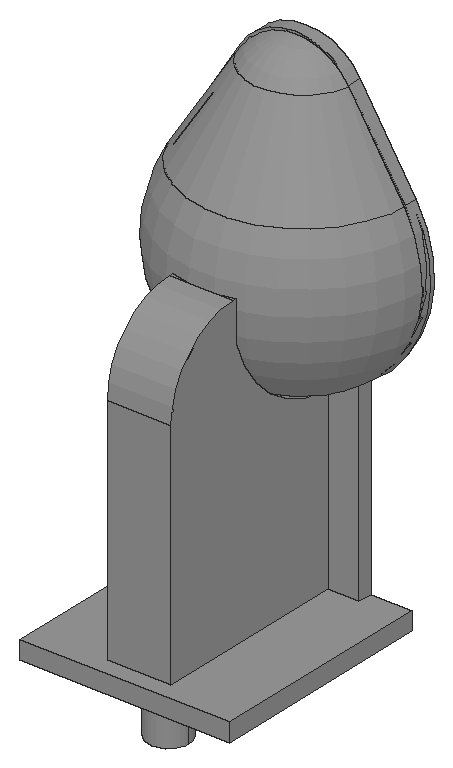
Revit family "Toilet-Willoughby-1490-HET-ETWS-OF-TS", category Plumbing Fixtures, host Face, Revit 2014
Parameters (values of type "Standard")
  Waste DIA = 2 1/4"
  Waste Connection = yes
  W-RAD [instance] = Waste DIA / 2  # 0' - 1 1/8"
  Vent Connection = no
  URL = "www.willoughby-ind.com"
  Type Comments = "Siphon Jet Flush"
  Revision = "A"
  Model = "ETWS-1490-HET-OF-TS"
  Manufacturer = "Willoughby Industries"
  HW Connection = no
  Flush inlet DIA = 1 1/2"
  Flush Inlet Connection = yes
  Fixture Body = Stainless Steel AISI 304-Willoughby
  F-RAD [instance] = Flush inlet DIA / 2  # 0' - 0 3/4"
  Description = "Off Floor Mounted Toilet"
  Default Elevation = 0' - 0"
  Contact Number = "(800) 428-4065"
  CW Connection = no
Reference planes (in)
  plane 1 "Base": y = -16.25
  plane 2: z = 0
  plane 3 "Center": x = 18.31072
  plane 4: y = -1.25
  plane 5: y = -2.125
  plane 6: y = -13.75
  plane 7: x = 16.56072
  plane 8: x = 20.06072
  plane 9: x = 11.56072
  plane 10: x = 25.06072
  plane 11: z = 2.70924
  plane 12: y = -10.75
Forms (in)
  Extrusion 1, solid, material "Stainless Steel AISI 304-Willoughby" <- "Fixture Body"
    sketch origin (16.08109, 7.47968, -5.1422) x (-1, 0, 0) y (0, 0, -1)
      loop
        line (1.29775, -16.80087) -> (1.29775, -5.1422) -> (-5.72963, -5.1422) -> (-5.72963, -16.81676)
        arc (-5.72963, -16.81676) -> (-8.98136, -21.11843) -> (-8.21015, -26.45542) r 7
        line (-8.21015, -26.45542) -> (-5.16818, -31.31054)
        arc (-5.16818, -31.31054) -> (-2.20225, -32.95225) -> (0.76368, -31.31054) r 3.5
        line (0.76368, -31.31054) -> (3.80565, -26.45542)
        arc (3.80565, -26.45542) -> (4.5729, -21.10311) -> (1.29775, -16.80087) r 7
      loop
        arc (2.03989, -24.70557) -> (-2.20225, -18.23804) -> (-6.44438, -24.70557) r 4.625
        line (-6.44438, -24.70557) -> (-4.04125, -30.23842)
        arc (-4.04125, -30.23842) -> (-2.20225, -31.45225) -> (-0.36324, -30.23842) r 2
        line (-0.36324, -30.23842) -> (2.03989, -24.70557)
    from 8.72968 to 9.5
  Revolve 2, solid, material "Stainless Steel AISI 304-Willoughby" <- "Fixture Body"
    sketch origin (19.37246, -1.52032, -1.93826) x (-1, 0, 0) y (0, 0, -1)
      loop
        line (1.06174, -12.59906) -> (1.06174, -12.84906)
        arc (1.06174, -12.84906) -> (6.96784, -16.33096) -> (6.78077, -23.18447) r 6.75
        line (6.78077, -23.18447) -> (3.81535, -27.91457)
        arc (3.81535, -27.91457) -> (2.63527, -29.03194) -> (1.06174, -29.43826) r 3.25
        line (1.06174, -29.43826) -> (1.06174, -29.68826)
        arc (1.06174, -29.68826) -> (2.75672, -29.25045) -> (4.02767, -28.04656) r 3.5
        line (4.02767, -28.04656) -> (7.06964, -23.19143)
        arc (7.06964, -23.19143) -> (7.15052, -16.14555) -> (1.06174, -12.59906) r 7
      axis (1.06174, -12.59906) -> (1.06174, -29.68826)
    angle from 0 to -180
  Extrusion 3, solid, material "Stainless Steel AISI 304-Willoughby" <- "Fixture Body"
    sketch origin (19.53334, -3.02032, -2.9508) x (0, 1, 0) y (0, 0, 1)
      loop
        line (-5.27082, 2.9508) -> (1, 2.9508) -> (1, 13.76086)
        arc (1, 13.76086) -> (-2.93256, 15.26109) -> (-5.27082, 18.76086) r 6.92744
        line (-5.27082, 18.76086) -> (-5.27082, 2.9508)
    from 0.52738 to -2.97262
  Extrusion 4, solid, material "Stainless Steel AISI 304-Willoughby" <- "Fixture Body"
    sketch origin (17.03334, 25.08792, -2.30581) x (0, 1, 0) y (0, 0, 1)
      loop
        line (-33.37906, 2.30581) -> (-33.37906, 20.30581) -> (-33.56217, 20.30581)
        arc (-33.56217, 20.30581) -> (-36.58558, 19.05347) -> (-37.83792, 16.03006) r 4.27575
        line (-37.83792, 16.03006) -> (-37.83792, 2.30581) -> (-33.37906, 2.30581)
    from -0.47262 to 3.02738
  Extrusion 5, solid, material "Stainless Steel AISI 304-Willoughby" <- "Fixture Body"
    sketch origin (0, 14.59309, 0) x (1, 0, 0) y (0, 1, 0)
      loop
        circle (18.31072, -25.34309) r 1.125
    from 1 to -3
  Extrusion 6, solid, material "Stainless Steel AISI 304-Willoughby" <- "Fixture Body"
    sketch origin (0, 1.11185, 0) x (1, 0, 0) y (0, 0, 1)
      loop
        circle (18.31072, 2.70924) r 0.75
    from 2.36185 to 1.42435
  Extrusion 7, solid, material "Stainless Steel AISI 304-Willoughby" <- "Fixture Body"
    sketch origin (0, -16.25, 0) x (1, 0, 0) y (0, 0, 1)
      loop
        line (24.06072, 0) -> (24.06072, 1) -> (12.56072, 1) -> (12.56072, 0) -> (24.06072, 0)
    from -15 to -2.5
Cuts and joins
  joined: Extrusion 1, Extrusion 3, Extrusion 4, Extrusion 7
Lines and regions (in)
  symbolic lines
    curve 1: line (18.31072, -1.25, 1) -> (18.31072, -13.75, 1)
    curve 2: line (18.31072, -13.75, 1) -> (18.31072, -13.75, 0)
    curve 3: line (18.31072, -13.75, 0) -> (18.31072, -1.25, 0)
    curve 4: line (18.31072, -1.25, 0) -> (18.31072, -1.25, 27.81005)
    curve 5: line (18.31072, -1.25, 27.81005) -> (18.31072, -2.02032, 27.81005)
    curve 6: arc (18.31072, -2.02032, 27.81005) -> (18.31072, -3.29584, 27.25657) -> (18.31072, -4.35245, 26.35277) r 4.68005
    curve 7: line (18.31072, -4.35245, 26.35277) -> (18.31072, -7.52822, 21.25317)
    curve 8: arc (18.31072, -7.52822, 21.25317) -> (18.31072, -8.21018, 19.68453) -> (18.31072, -8.50694, 18) r 7.2734
    curve 9: line (18.31072, -8.29114, 18) -> (18.31072, -8.50694, 18)
    curve 10: arc (18.31072, -8.50694, 18) -> (18.31072, -11.50724, 16.75724) -> (18.31072, -12.75, 13.75694) r 4.24306
    curve 11: line (18.31072, -12.75, 1) -> (18.31072, -12.75, 13.75694)
    curve 12: line (18.31072, -1.25, 11.67456) -> (18.31072, -2.02032, 11.67456)
    curve 13: line (18.31072, -2.02032, 11.67456) -> (18.31072, -2.02032, 1)
    curve 14: arc (18.31072, -2.02032, 10.81005) -> (18.31072, -5.98698, 12.32254) -> (18.31072, -8.29114, 15.88806) r 6.82199
    curve 15: arc (18.31072, -8.29114, 15.88806) -> (18.31072, -8.3503, 16.94403) -> (18.31072, -8.29114, 18) r 9.45328
    curve 16: line (14.78334, -16.25, 11.65867) -> (14.78334, -16.25, 1)
    curve 17: line (14.78334, -16.25, 1) -> (12.56072, -16.25, 1)
    curve 18: line (12.56072, -16.25, 1) -> (12.56072, -16.25, 0)
    curve 19: line (12.56072, -16.25, 0) -> (24.06072, -16.25, 0)
    curve 20: line (24.06072, -16.25, 0) -> (24.06072, -16.25, 1)
    curve 21: line (24.06072, -16.25, 1) -> (21.81072, -16.25, 1)
    curve 22: line (21.81072, -16.25, 1) -> (21.81072, -16.25, 11.67456)
    curve 23: arc (21.81072, -16.25, 11.67456) -> (25.06245, -16.25, 15.97624) -> (24.29124, -16.25, 21.31322) r 7
    curve 24: line (24.29124, -16.25, 21.31322) -> (21.24927, -16.25, 26.16835)
    curve 25: arc (21.24927, -16.25, 26.16835) -> (19.97832, -16.25, 27.37224) -> (18.28334, -16.25, 27.81005) r 3.5
    curve 26: arc (18.28334, -16.25, 27.81005) -> (16.58835, -16.25, 27.37224) -> (15.31741, -16.25, 26.16835) r 3.5
    curve 27: line (15.31741, -16.25, 26.16835) -> (12.35249, -16.25, 21.43905)
    curve 28: arc (12.35249, -16.25, 21.43905) -> (11.49002, -16.25, 16.03241) -> (14.78334, -16.25, 11.65867) r 7
    curve 34: line (11.28334, -2.02032, 0) -> (11.28334, -1.25, 0)
    curve 35: line (11.28334, -1.25, 0) -> (25.28334, -1.25, 0)
    curve 36: line (25.28334, -1.25, 0) -> (25.28334, -2.02032, 0)
    curve 37: arc (25.28334, -2.02032, 0) -> (23.0882, -6.65596, 0) -> (18.31072, -8.52239, 0) r 6.94794
    curve 38: arc (18.31072, -8.52239, 0) -> (13.53424, -6.63617, 0) -> (11.28334, -2.02032, 0) r 7.09173
    curve 39: line (12.56072, -5.526, 0) -> (12.56072, -13.75, 0)
    curve 40: line (12.56072, -13.75, 0) -> (24.06072, -13.75, 0)
    curve 41: line (24.06072, -13.75, 0) -> (24.06072, -5.53162, 0)
    curve 42: line (20.06072, -8.30853, 0) -> (20.06072, -12.75, 0)
    curve 43: line (20.06072, -12.75, 0) -> (16.56072, -12.75, 0)
    curve 44: line (16.56072, -12.75, 0) -> (16.56072, -8.29294, 0)
  symbolic lines, detail levels fine
    curve 29: arc (14.0412, -16.25, 19.56337) -> (18.28334, -16.25, 13.09585) -> (22.52547, -16.25, 19.56337) r 4.625
    curve 30: line (22.52547, -16.25, 19.56337) -> (20.12234, -16.25, 25.09622)
    curve 31: arc (20.12234, -16.25, 25.09622) -> (19.38317, -16.25, 25.97635) -> (18.28334, -16.25, 26.31005) r 2.01767
    curve 32: arc (18.28334, -16.25, 26.31005) -> (17.17969, -16.25, 25.98213) -> (16.44433, -16.25, 25.09622) r 1.9827
    curve 33: line (16.44433, -16.25, 25.09622) -> (14.0412, -16.25, 19.56337)
Dimensions and locks (in)
  plane 1 "Base" to plane 4 = 1' - 3"
  plane 1 "Base" to plane 12 = 0' - 5 1/2"
  plane 1 "Base" to plane 6 = 0' - 2 1/2"
  "W-RAD": radius of Extrusion 5 sketch curve
  "F-RAD": radius of Extrusion 6 sketch curve
  aligned and locked: plane 2 to host face
  aligned and locked: level to host face
  aligned and locked: plane 3 "Center" to Extrusion 5 sketch curve
  aligned and locked: plane 3 "Center" to Extrusion 6 sketch curve
  aligned and locked: plane 11 to Extrusion 6 sketch curve
  aligned and locked: plane 12 to Extrusion 5 sketch curve
  aligned and locked: cut or joined group of Extrusion 1, Extrusion 3, Extrusion 4, Extrusion 7 to cut or joined group of Extrusion 1, Extrusion 3, Extrusion 4, Extrusion 7  (x2)
Automatic sketch dimensions
  host sketch curve to host sketch curve = 3' - 2.42356"
  host sketch curve to host sketch curve = 2' - 10.61225"
  Extrusion 1 sketch curve to Extrusion 1 sketch curve = 0' - 0"  (x8)
  level to Extrusion 1 sketch curve = 0' - 0"
  plane 3 "Center" to Extrusion 1 sketch curve = 0' - 5.98052"
  Extrusion 1 sketch curve to Extrusion 1 sketch curve = 0' - 1.76576"  (x2)
  plane 3 "Center" to Extrusion 1 sketch curve = 0' - 3 1/2"
  plane 3 "Center" to Extrusion 1 sketch curve = 0' - 2.93855"
  Extrusion 1 sketch curve to Extrusion 1 sketch curve = 0' - 1.12693"  (x2)
  Extrusion 1 sketch curve to plane 3 "Center" = 0' - 0.02738"  (x2)
  Extrusion 1 sketch curve to plane 3 "Center" = 0' - 1.86639"
  Extrusion 1 sketch curve to plane 3 "Center" = 0' - 3.52738"
  Extrusion 1 sketch curve to plane 3 "Center" = 0' - 4 69/256"
  Extrusion 1 sketch curve to Extrusion 1 sketch curve = 0' - 11.65867"
  Extrusion 1 sketch curve to Extrusion 1 sketch curve = 0' - 0.01589"
  Extrusion 1 sketch curve to Extrusion 1 sketch curve = 0' - 6.06218"
  Extrusion 1 sketch curve to Extrusion 1 sketch curve = 0' - 1.74985"
  Extrusion 1 sketch curve to Extrusion 1 sketch curve = 0' - 4.74668"
  Extrusion 1 sketch curve to Extrusion 1 sketch curve = 0' - 0.78617"
  Extrusion 1 sketch curve to Extrusion 1 sketch curve = 0' - 1.07212"
  Revolve 2 sketch curve to Revolve 2 sketch curve = 0' - 0"  (x2)
  Revolve 2 sketch curve to plane 3 "Center" = 0' - 0"  (x3)
  plane 3 "Center" to Revolve 2 sketch curve = 0' - 0"
  Revolve 2 sketch curve to plane 3 "Center" = 0' - 2.75361"
  Revolve 2 sketch curve to Revolve 2 sketch curve = 0' - 0.21232"
  Revolve 2 sketch curve to Revolve 2 sketch curve = 0' - 2.96542"
  Revolve 2 sketch curve to Revolve 2 sketch curve = 0' - 0.28887"
  level to Revolve 2 sketch curve = 2' - 3 3/4"
  Revolve 2 sketch curve to Revolve 2 sketch curve = 0' - 0 1/4"
  Revolve 2 sketch curve to Revolve 2 sketch curve = 0' - 1.3917"
  Revolve 2 sketch curve to Revolve 2 sketch curve = 0' - 0.13199"
  Revolve 2 sketch curve to Revolve 2 sketch curve = 0' - 4.85513"
  Revolve 2 sketch curve to Revolve 2 sketch curve = 0' - 0.00696"
  Revolve 2 sketch curve to Revolve 2 sketch curve = 0' - 3 1/4"
  Revolve 2 sketch curve to Revolve 2 sketch curve = 0' - 3.3392"
  Revolve 2 sketch curve to Revolve 2 sketch curve = 0' - 2.4108"
  level to Extrusion 3 sketch curve = 0' - 0"
  plane 5 to Extrusion 3 sketch curve = 0' - 0.10468"
  plane 4 to Extrusion 3 sketch curve = 0' - 0.38413"
  Extrusion 3 sketch curve to Extrusion 3 sketch curve = 0' - 10.81005"
  Extrusion 3 sketch curve to Extrusion 3 sketch curve = 0' - 5"
  Extrusion 4 sketch curve to plane 6 = 0' - 1"
  level to Extrusion 4 sketch curve = 0' - 0"
  Extrusion 4 sketch curve to plane 6 = 0' - 5.27575"
  Extrusion 4 sketch curve to Extrusion 4 sketch curve = 0' - 0.18311"
  Extrusion 4 sketch curve to Extrusion 4 sketch curve = 1' - 1.72425"
  plane 9 to Extrusion 7 sketch curve = 0' - 1"
  Extrusion 7 sketch curve to plane 10 = 0' - 1"
  Extrusion 7 sketch curve to level = 0' - 0"
  level to Extrusion 7 sketch curve = 0' - 1"
  Extrusion 3 sketch curve to Extrusion 3 sketch curve = 0' - 6.27082"
  curve 1 to plane 6 = 0' - 0"
  curve 5 to plane 4 = 0' - 0"
  curve 3 to level = 0' - 0"
  curve 11 to plane 6 = 0' - 1"
  curve 10 to plane 12 = 0' - 2.24306"
  curve 7 to plane 12 = 0' - 3.22178"
  curve 7 to plane 5 = 0' - 2.22745"
  plane 5 to curve 5 = 0' - 0.10468"
  plane 5 to curve 13 = 0' - 0.10468"
  plane 5 to curve 14 = 0' - 0.43123"
  curve 8 to plane 4 = 0' - 0.00484"
  curve 6 to plane 4 = 0' - 0.43421"
  curve 15 to plane 4 = 0' - 2.35298"
  level to curve 2 = 0' - 1"
  plane 11 to curve 13 = 0' - 8.96532"
  curve 12 to curve 10 = 0' - 2.08238"
  curve 15 to curve 8 = 0' - 0.64506"
  curve 8 to curve 14 = 0' - 0.03514"
  curve 8 to curve 6 = 0' - 5.69858"
  curve 6 to curve 7 = 0' - 3.06511"
  curve 8 to curve 14 = 0' - 0.21581"
  curve 10 to curve 9 = 0' - 0.21581"
  curve 14 to curve 12 = 0' - 0.86451"
  curve 23 to curve 28 = 0' - 0"
  curve 23 to curve 29 = 0' - 0"  (x2)
  curve 25 to curve 26 = 0' - 0"
  curve 28 to curve 29 = 0' - 0"
  curve 19 to level = 0' - 0"
  plane 9 to curve 27 = 0' - 0.79177"
  plane 9 to curve 19 = 0' - 1"
  curve 16 to plane 7 = 0' - 1.77738"
  curve 27 to plane 7 = 0' - 1.24331"
  curve 31 to plane 3 "Center" = 0' - 0.03902"
  curve 31 to curve 32 = 0' - 0.0002"
  curve 32 to curve 25 = 0' - 0.01144"
  curve 23 to plane 3 "Center" = 0' - 0.02738"
  plane 8 to curve 30 = 0' - 0.06162"
  plane 8 to curve 24 = 0' - 1.18855"
  plane 8 to curve 21 = 0' - 1 3/4"
  plane 8 to curve 30 = 0' - 2.46475"
  curve 21 to plane 10 = 0' - 1"
  curve 24 to plane 10 = 0' - 0.76948"
  level to curve 17 = 0' - 1"
  level to curve 21 = 0' - 1"
  plane 11 to curve 16 = 0' - 8.94943"
  curve 16 to curve 22 = 0' - 0.01589"
  curve 28 to curve 23 = 0' - 6.06218"
  curve 30 to curve 23 = 0' - 1.74985"
  curve 30 to curve 31 = 0' - 4.72905"
  curve 31 to curve 25 = 0' - 0.01763"
  curve 26 to curve 32 = 0' - 0.01733"
  curve 26 to curve 30 = 0' - 0.78617"
  curve 30 to curve 24 = 0' - 1.07212"
  plane 9 to curve 29 = 0' - 2 123/256"
  curve 32 to plane 7 = 0' - 0.11639"
  curve 32 to curve 31 = 0' - 0"
  plane 4 to curve 34 = 0' - 0"
  plane 6 to curve 39 = 0' - 0"
  curve 44 to plane 7 = 0' - 0"
  curve 37 to plane 3 "Center" = 0' - 0"
  curve 38 to plane 3 "Center" = 0' - 0"
  curve 43 to plane 8 = 0' - 0"
  plane 9 to curve 40 = 0' - 1"
  plane 5 to curve 34 = 0' - 0.10468"
  curve 34 to plane 9 = 0' - 0.27738"
  plane 3 "Center" to curve 37 = 0' - 0.03899"
  plane 3 "Center" to curve 38 = 0' - 0.0398"
  curve 41 to plane 10 = 0' - 1"
  curve 42 to plane 6 = 0' - 1"
  plane 5 to curve 36 = 0' - 0.10468"
  curve 37 to curve 44 = 0' - 0.22946"
Connectors (in)
  piping at (18.31072, -10.75, -3), diameter 2.25, driven by "W-RAD", driven by "Waste Connection"
    settings: on Extrusion 5, index 1, connector inside diameter 2 1/4", connector length 0' - 0", flow factor 0, pipe flow 0 GPM, pressure drop 0.00 psi, fitting loss kfactor 0, connector angle 0.00°, fixture units 0, engagement length 0' - 0", angle of deflection 0.00°, flow configuration 0, flow direction 2, fitting loss method 0, system type 16, joint type 0, gender type 0, connector reference index -1, connector utility 1, adjustable connector yes, is connector primary yes, connector description "Toilet Waste"
  piping at (18.31072, -0.3125, 2.70924), diameter 1.5, driven by "F-RAD", driven by "Flush Inlet Connection"
    settings: on Extrusion 6, index 2, connector inside diameter 1 1/2", connector length 0' - 0", flow factor 0, pipe flow 0 GPM, pressure drop 0.00 psi, fitting loss kfactor 0, connector angle 0.00°, fixture units 0, engagement length 0' - 0", angle of deflection 0.00°, flow configuration 0, flow direction 1, fitting loss method 0, system type 20, joint type 0, gender type 0, connector reference index -1, connector utility 1, adjustable connector no, is connector primary no, connector description "Flush Inlet"
